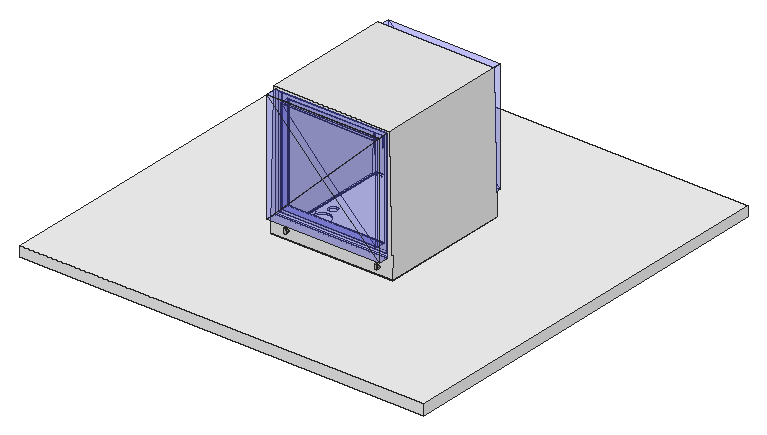
Revit family "BE_50064.1_de_DE", category Leuchten, Revit 2020
Family settings
  Basisbauteil = Fläche
  Bemaßung runder Anschluss = Durchmesser verwenden
  Teiletyp = Normal
  Beim Laden mit Abzugskörper schneiden = Ja
  Lichtquelle = Ja
  Gemeinsam genutzt = Nein
  Raumberechnungspunkt = Ja
Parameters (values of type "BEGA_50064.1_K3")
  built-in parameter 1150104 = 18.636 (stored number, unit not read)
  Wattage = 16.4 W
  Default Elevation = 0 mm
  built-in parameter 1150113 = 1 (stored number, unit not read)
  built-in parameter 1114218 = 1 (stored number, unit not read)
  Umgebungstemperatur = "25 °C"
  URL = "https://www.bega.com/de/produkt/50064.1"
  Typenkommentare = "© 2022 BEGA. Wir behalten uns das Recht vor, technische Änderungen ohne vorherige Ankündigung vorzunehmen."  # constant formula
  built-in parameter 1150134 = (empty or 0)
  built-in parameter 1150109 = 1 (stored number, unit not read)
  Strom = ""
  built-in parameter 1150110 = 1 (stored number, unit not read)
  Spannung = 239.996 V
  Sonderanfertigung = no
  Seriennummer [instance] = "Hier können Sie die eindeutige Seriennummer für das Facility Management eintragen."
  Schutzklasse = "I"
  Schutzart = "IP 20"
  Scheinlast = 0 VA
  Produktdatenblatt = "https://cdn.bega.com/bega/products/50064.1K3/current/documents/data-sheets/de"
  Oberflächentemperatur = ""
  Neigungswinkel = 0.00°
  Modell = "50064.1K3"
  Material_17 = BEGA_Reflektor
  Material_15 = BEGA_Leuchtmedium_matt
  Material_11 = BEGA_Glas_opal
  Material_09 = BEGA_Glas_klar
  Material_08 = BEGA_Oberfläche_Stahl_verzinkt
  Material_06 = BEGA_Oberfläche_Edelstahl_gebürstet
  Material_05 = BEGA_Oberfläche_Aluminium Guss
  Material_03 = BEGA_Oberfläche_Weiss_matt
  Material_02 = BEGA_Oberfläche_Silber_matt
  Material_01 [instance] = BEGA_Oberfläche_Grafit_matt
  M_W = no
  M_G = no
  M_A = no
  Logo = 0
  built-in parameter 1114217 = 1 (stored number, unit not read)
  built-in parameter 1150139 = (empty or 0)
  built-in parameter 1150105 = 261.8 (stored number, unit not read)
  built-in parameter 1150114 = 1 (stored number, unit not read)
  Lumens = 3289.84 lm
  built-in parameter 1150115 = 1 (stored number, unit not read)
  Leuchtenlichtstrom = "1174 lm"
  Leuchtenanzahl = ""
  Lebensdauerkriterien = "L70B50 @ 25 °C = 200000 h"
  Lastklassifizierung = Beleuchtung
  built-in parameter 1150112 = 1 (stored number, unit not read)
  Lampenlichtstrom = "3290 lm"
  Lampe = "LED 16.4 W"
  LED_Modulbezeichnung = "2x LED-0275/930"
  Hersteller = "BEGA"  # constant formula
  Halbstreuwinkel = ""
  Gewicht = "1.6 kg"
  Gebrauchslageneinschränkung [instance] = ""
  Frequenz = "0/50-60 Hz"
  Farbwiedergabeindex = "CRI > 90"
  Farbtemperaturverschiebung bei Dämpfen der Lampe = <Keine Auswahl>
  Farbtemperatur = "3000 K"
  Color Filter = 16777215
  built-in parameter 1150133 = 10 (stored number, unit not read)
  Energieeffizienzklasse = "LED A++ - A"
  built-in parameter 1150137 = (empty or 0)
  built-in parameter 1150132 = (empty or 0)
  ENEC = "ja"
  Dimmbar [instance] = "DALI"
  Datei für fotometrisches Netz = "BE_50064.1K3.IES"
  CE_Konformität = "ja"
  Bestellnummer = "50064.1K3"
  Beschreibung_Sonderanfertigung = "Hier können Sie Informationen zur Sonderanfertigung eintragen."
  Beschreibung = "Wandleuchte"
  built-in parameter 1150106 = 2.618 (stored number, unit not read)
  Befestigungsbohrung = "Ø 4,5 mm"
  Befestigungsabstand = "84 mm"
  Ballwurfsicher = ""
  BEGA_Intern_aus = yes
  BEGA_Intern_an = yes
  BEGA_Intern_Konstruktion = yes
  BEGA_Intern = yes
  BEGA_IES = yes
  BEGA_Dummy = no
  Anschlussleitung = ""
  Anschlussleistung [instance] = "19.3 W"
  Anschlusskasten = ""
  built-in parameter 1150107 = 3000 (stored number, unit not read)
  built-in parameter 1150102 = (empty or 0)
  built-in parameter 1150138 = (empty or 0)
  Aktualisierung = "2022-05-18T04:00:07"
  Abstand_zur_angestrahlten_Fläche [instance] = ""
  AC/DC = "AC/DC"
Types (2, lengths in mm): name | built-in parameter 1150104 | built-in parameter 1150134 | Modell | built-in parameter 1150105 | Lumens | Leuchtenlichtstrom | Lampenlichtstrom | LED_Modulbezeichnung | Farbtemperatur | Datei für fotometrisches Netz | Bestellnummer | built-in parameter 1150106 | built-in parameter 1150107
  BEGA_50064.1_K3 | 18.636 (stored number, unit not read) | (empty or 0) | "50064.1K3" | 261.8 (stored number, unit not read) | 3289.84 lm | "1174 lm" | "3290 lm" | "2x LED-0275/930" | "3000 K" | "BE_50064.1K3.IES" | "50064.1K3" | 2.618 (stored number, unit not read) | 3000 (stored number, unit not read)
  BEGA_50064.1_K4 | 19.203 (stored number, unit not read) | 12 | "50064.1K4" | 269.76 (stored number, unit not read) | 3389.88 lm | "1208 lm" | "3390 lm" | "2x LED-0275/940" | "4000 K" | "BE_50064.1K4.IES" | "50064.1K4" | 2.6976 (stored number, unit not read) | 4000 (stored number, unit not read)
Reference planes
  plane 1 "Mitte (Vorne/Hinten)": y = 0
  plane 2: z = 0
  plane 3 "Mitte (Links/Rechts)": x = 0
  plane 4 "Links": x = -60
  plane 5 "Rechts": x = 60
  plane 6 "Unten": y = -75.718
  plane 7 "Oben": y = 75.718
  plane 8 "Vorne": z = 132
  plane 9 "Hinten": z = 0
Forms (mm)
  Extrusion 1, solid, material "BEGA_Platte_Weiss"
    sketch origin (0, -1119.2, 0) x (1, 0, 0) y (0, 1, 0)
      loop
        line (-200, 1319.2) -> (-200, 919.2) -> (200, 919.2) -> (200, 1319.2) -> (-200, 1319.2)
    from 0 to -10
  Extrusion 2, solid, material "BEGA_Dummy_matt", visible <- "BEGA_Dummy"
    sketch origin (80.095, -76.023, 0) x (1, 0, 0) y (0, 1, 0)
      loop
        line (-140.095, 151.741) -> (-140.095, 0.305) -> (-20.095, 0.305) -> (-20.095, 151.741) -> (-140.095, 151.741)
    from 0 to 132
Dimensions and locks
  plane 1 "Mitte (Vorne/Hinten)" to Extrusion 1 = 200 mm
  aligned and locked: plane 2 to Extrusion 1
  aligned and locked: level to Extrusion 1
Nested families
  nested 1: "BE_50064.1" at (0, 0, 0), type "BE_50064.1"
Connectors
  electrical at (0, 0, 0), driven by "Lastklassifizierung", driven by "Spannung", driven by "Scheinlast"
    settings: index 1, voltage 239.996 V, apparent load 0 VA, apparent load phase1 0 VA, apparent load phase2 0 VA, apparent load phase3 0 VA, power factor 1, load classification "Beleuchtung", number of poles 1, system type 31, power factor state 1, is connector primary yes, connector utility no, sub classification motor no, connector description ""
Definition of nested family "BE_50064.1"
  Parameters (values of type "BE_50064.1")
    Default Elevation = 1 mm
    URL = "http://www.bega.de/de/produkt"
    Type Comments = "© 2015 BEGA. Wir behalten uns das Recht vor, technische Änderungen ohne vorherige Ankündigung vorzunehmen. "  # constant formula
    Type Image = (empty or 0)
    Neigungswinkel_um_Z2 = 0.00°
    Neigungswinkel_um_Z1 = 0.00°
    Neigungswinkel_um_Y2 = 0.00°
    Neigungswinkel_um_Y1 = 0.00°
    Neigungswinkel_um_X2 = 0.00°
    Neigungswinkel_um_X1 = 0.00°
    Material_17 = none
    Material_15 = none
    Material_11 = none
    Material_09 = none
    Material_08 = none
    Material_06 = none
    Material_05 = none
    Material_03 = none
    Material_02 = none
    Material_01 = none
    M_W = yes
    M_G = yes
    M_A = yes
    Länge_Platte = 200 mm  # constant formula
    Höhe_Platte = -10 mm  # constant formula
    Manufacturer = "BEGA"  # constant formula
    Drehwinkel_um_Z2 = 0.00°
    Drehwinkel_um_Z1 = 0.00°
    Breite_Platte = 200 mm  # constant formula
  Reference planes
    plane 1 "Mitte (Oben/Unten)": y = 0
    plane 2: z = 0
    plane 3 "Mitte (Links/Rechts)": x = 0
    plane 4: x = -60
    plane 5: z = 132
    plane 6: x = 60
    plane 7: y = 75.718
    plane 8: y = -75.718
  Forms (mm)
    Extrusion 1, solid, detail levels medium
      sketch origin (0, 0, 0) x (1, 0, 0) y (0, 1, 0)
        loop
          line (-100, 100) -> (-100, -100) -> (100, -100) -> (100, 100) -> (-100, 100)
      from 0 to -10 <- "Höhe_Platte"
    Extrusion 2, void
      sketch origin (0, 0, 0) x (0, 1, 0) y (0, 0, 1)
        loop
          line (-58.45, 129.958) -> (-67.322, 129.958) -> (-67.322, 18.565) -> (-58.45, 18.565) -> (-58.45, 129.958)
        loop
          line (58.45, 130.065) -> (58.45, 18.565) -> (67.693, 18.565) -> (67.693, 130.065) -> (58.45, 130.065)
      from -55.247 to 55.267
    Extrusion 3, void
      sketch origin (0, 0, 0) x (0, 1, 0) y (0, 0, 1)
        loop
          line (-70.047, 121.629) -> (-70.047, 26.562) -> (66.047, 26.562) -> (66.047, 121.629) -> (-70.047, 121.629)
      from -47.5 to 47.553
    Sweep 4, solid, material <- "Material_11", detail levels medium+fine
      path origin (0, 0, 0) x (1, 0, 0) y (0, 0, -1)
        loop
          line (55.831, -130.063) -> (55.831, -18.437) -> (-55.769, -18.437) -> (-55.769, -130.063) -> (55.831, -130.063)
      profile origin (0.031, 0, 130.063) x (0, 0, 1) y (0, 1, 0)
        loop
          line (0.067, -62.867) -> (-2.581, -62.867) -> (-2.738, -58.367) -> (-7.851, -58.367) -> (-8.152, -66.977)
          arc (-8.152, -66.977) -> (-8.43, -67.635) -> (-9.076, -67.939) r 1
          arc (-9.076, -67.939) -> (-32.418, -69.184) -> (-55.793, -69.379) r 520.56
          line (-55.793, -69.379) -> (-55.793, -75.718)
          arc (-55.793, -75.718) -> (-28.065, -75.75) -> (-0.352, -74.864) r 836.627
          line (-0.352, -74.864) -> (0.067, -62.867)
    Sweep 5, solid, material <- "Material_03", detail levels medium+fine
      path origin (0, 0, 0) x (1, 0, 0) y (0, 1, 0)
        loop
          line (60, 64.25) -> (-60, 64.25) -> (-60, -64.25) -> (60, -64.25) -> (60, 64.25)
      profile origin (0, 64.25, 0) x (0, -1, 0) y (0, 0, 1)
        loop
          line (0.5, 0) -> (5, 0)
          arc (5, 0) -> (6.061, 0.439) -> (6.5, 1.5) r 1.5
          line (6.5, 1.5) -> (6.5, 2.5)
          arc (6.5, 2.5) -> (6.646, 2.854) -> (7, 3) r 0.5
          line (7, 3) -> (35.781, 3) -> (35.781, 4) -> (7, 4)
          arc (7, 4) -> (5.939, 3.561) -> (5.5, 2.5) r 1.5
          line (5.5, 2.5) -> (5.5, 1.5)
          arc (5.5, 1.5) -> (5.354, 1.146) -> (5, 1) r 0.5
          line (5, 1) -> (0.5, 1) -> (0.5, 0)
    Extrusion 6, void
      sketch origin (0, 0, 0) x (1, 0, 0) y (0, 1, 0)
        loop
          circle (-40, -26) r 8.5
        loop
          circle (42, -10) r 4.25
        loop
          circle (-42, -10) r 4.25
        loop
          circle (40, -26) r 8.5
      from 0 to 6.683
    Extrusion 7, solid, material <- "Material_03", detail levels medium+fine
      sketch origin (0, 0, 0) x (1, 0, 0) y (0, 1, 0)
        loop
          line (-24.219, -28.469) -> (26.655, -28.469) -> (26.655, 30.554) -> (-24.219, 30.554) -> (-24.219, -28.469)
      from 3 to 4
    Revolve 8, void
      sketch origin (-20, -9.199, 8) x (1, 0, 0) y (0, 1, 0)
        loop
          line (-25, -52.692) -> (-25, -55.966) -> (-21.785, -55.966) -> (-23.112, -53.667) -> (-23.112, -52.692) -> (-25, -52.692)
        axis (-25, -52.692) -> (-25, -55.966)
      angle from 0 to 360
    Revolve 9, solid, material <- "Material_06", detail levels fine
      sketch origin (-45, -16.3, 0) x (0, 1, 0) y (0, 0, 1)
        loop
          line (-49.15, 10) -> (-49.15, 8) -> (-45.433, 8) -> (-45.433, 10.5) -> (-46.575, 10.5) -> (-47.289, 10) -> (-49.15, 10)
        axis (-49.15, 8) -> (-45.433, 8)
      angle from 0 to 360
    Extrusion 10, solid, material <- "Material_03", detail levels medium+fine
      sketch origin (0, 0, 0) x (1, 0, 0) y (0, 0, 1)
        loop
          line (-60, 1) -> (-58.008, 1) -> (-55.755, 130.065) -> (55.755, 130.065) -> (58.008, 1) -> (60, 1) -> (57.713, 132) -> (-57.713, 132) -> (-60, 1)
      from -64.25 to 64.25
    Extrusion 11, solid, material <- "Material_03", detail levels medium+fine
      sketch origin (0, 0, 0) x (1, 0, 0) y (0, 0, 1)
        loop
          line (57.713, 132) -> (-57.713, 132) -> (-60, 1) -> (60, 1) -> (57.713, 132)
      from 57.882 to 64.25
    Extrusion 12, solid, material <- "Material_03", detail levels medium+fine
      sketch origin (0, 0, 0) x (1, 0, 0) y (0, 0, -1)
        loop
          line (57.713, -132) -> (60, -1) -> (-60, -1) -> (-57.713, -132) -> (57.713, -132)
      from 58.018 to 64.25
    Sweep 13, solid, material <- "Material_11", detail levels medium+fine
      path origin (0, 0, 0) x (1, 0, 0) y (0, 0, 1)
        loop
          line (55.831, 130.063) -> (-55.769, 130.063) -> (-55.769, 18.437) -> (55.831, 18.437) -> (55.831, 130.063)
      profile origin (0.031, 0, 130.063) x (0, 0, -1) y (0, -1, 0)
        loop
          line (-0.067, -62.867) -> (0.352, -74.864)
          arc (0.352, -74.864) -> (28.065, -75.75) -> (55.793, -75.718) r 836.627
          line (55.793, -75.718) -> (55.793, -69.379)
          arc (55.793, -69.379) -> (32.418, -69.184) -> (9.076, -67.939) r 520.56
          arc (9.076, -67.939) -> (8.43, -67.635) -> (8.152, -66.977) r 1
          line (8.152, -66.977) -> (7.851, -58.367) -> (2.738, -58.367) -> (2.581, -62.867) -> (-0.067, -62.867)
    Revolve 14, void
      sketch origin (20, -9.199, 8) x (-1, 0, 0) y (0, -1, 0)
        loop
          line (-25, 52.692) -> (-23.112, 52.692) -> (-23.112, 53.667) -> (-21.785, 55.966) -> (-25, 55.966) -> (-25, 52.692)
        axis (-25, 52.692) -> (-25, 55.966)
      angle from 0 to 360
    Revolve 15, solid, material <- "Material_06", detail levels fine
      sketch origin (45, -16.3, 0) x (0, 1, 0) y (0, 0, -1)
        loop
          line (-49.15, -10) -> (-47.289, -10) -> (-46.575, -10.5) -> (-45.433, -10.5) -> (-45.433, -8) -> (-49.15, -8) -> (-49.15, -10)
        axis (-49.15, -8) -> (-45.433, -8)
      angle from 0 to 360
  Cuts and joins
    Extrusion 6 cuts Sweep 5
    joined: Sweep 5, Extrusion 7
    Extrusion 2, Extrusion 3, Revolve 8, Revolve 14 cuts Extrusion 10
    Extrusion 2, Extrusion 3, Revolve 8, Revolve 14 cuts Extrusion 11
    Extrusion 2, Extrusion 3, Revolve 8, Revolve 14 cuts Extrusion 12
    joined: Extrusion 10, Extrusion 11, Extrusion 12
    Revolve 14 cuts Revolve 9
  Dimensions and locks
    equal spacing: Extrusion 1 sketch curve, plane 3 "Mitte (Links/Rechts)", Extrusion 1 sketch curve
    equal spacing: Extrusion 1 sketch curve, plane 1 "Mitte (Oben/Unten)", Extrusion 1 sketch curve
    "Länge_Platte": Extrusion 1 sketch curve to Extrusion 1 sketch curve
    "Breite_Platte": Extrusion 1 sketch curve to Extrusion 1 sketch curve
    aligned and locked: Extrusion 1 to plane 2
    aligned and locked: level to Extrusion 1
  Automatic sketch dimensions
    plane 1 "Mitte (Oben/Unten)" to Extrusion 2 sketch curve = 67.322 mm
    Extrusion 2 sketch curve to Extrusion 2 sketch curve = 8.872 mm
    Extrusion 2 sketch curve to plane 1 "Mitte (Oben/Unten)" = 58.45 mm
    Extrusion 2 sketch curve to Extrusion 2 sketch curve = 9.243 mm
    level to Extrusion 2 sketch curve = 18.565 mm  (x2)
    Extrusion 2 sketch curve to Extrusion 2 sketch curve = 111.393 mm
    Extrusion 2 sketch curve to Extrusion 2 sketch curve = 111.5 mm
    level to Extrusion 3 sketch curve = 26.562 mm
    plane 1 "Mitte (Oben/Unten)" to Extrusion 3 sketch curve = 70.047 mm
    Extrusion 3 sketch curve to plane 1 "Mitte (Oben/Unten)" = 66.047 mm
    Extrusion 3 sketch curve to Extrusion 3 sketch curve = 95.067 mm
    level to Sweep 4 sketch curve = 130.063 mm
    level to Sweep 4 sketch curve = 18.437 mm
    profile plane to Sweep 4 sketch curve = 55.793 mm
    profile plane to Sweep 4 sketch curve = 48.45 mm
    profile plane to Sweep 4 sketch curve = 40.953 mm
    profile plane to Sweep 4 sketch curve = 9.151 mm
    Sweep 4 sketch curve to Sweep 4 sketch curve = 0.999 mm
    profile plane to Sweep 4 sketch curve = 7.851 mm
    profile plane to Sweep 4 sketch curve = 2.738 mm
    profile plane to Sweep 4 sketch curve = 2.581 mm
    profile plane to Sweep 4 sketch curve = 0.352 mm
    Sweep 4 sketch curve to profile plane = 0.067 mm
    Sweep 4 sketch curve to profile plane = 75.718 mm
    Sweep 4 sketch curve to Sweep 4 sketch curve = 0.854 mm
    Sweep 4 sketch curve to Sweep 4 sketch curve = 6.339 mm
    Sweep 4 sketch curve to Sweep 4 sketch curve = 7.886 mm
    Sweep 4 sketch curve to Sweep 4 sketch curve = 0.035 mm
    Sweep 4 sketch curve to Sweep 4 sketch curve = 4.11 mm
    Sweep 4 sketch curve to Sweep 4 sketch curve = 4.5 mm
    Sweep 4 sketch curve to Sweep 4 sketch curve = 309.648 mm
    plane 1 "Mitte (Oben/Unten)" to Sweep 5 sketch curve = 64.25 mm
    Sweep 5 sketch curve to plane 1 "Mitte (Oben/Unten)" = 64.25 mm
    Sweep 5 sketch curve to Sweep 5 sketch curve = 0 mm  (x4)
    Sweep 5 sketch curve to level = 0 mm
    Sweep 5 sketch curve to profile plane = 0.5 mm
    level to Sweep 5 sketch curve = 1 mm
    Sweep 5 sketch curve to Sweep 5 sketch curve = 4.5 mm
    Sweep 5 sketch curve to Sweep 5 sketch curve = 0.5 mm  (x2)
    level to Sweep 5 sketch curve = 3 mm
    Sweep 5 sketch curve to Sweep 5 sketch curve = 28.781 mm
    plane 1 "Mitte (Oben/Unten)" to Extrusion 6 sketch curve = 26 mm  (x2)
    plane 1 "Mitte (Oben/Unten)" to Extrusion 6 sketch curve = 10 mm  (x2)
    plane 1 "Mitte (Oben/Unten)" to Extrusion 7 sketch curve = 28.469 mm
    Extrusion 7 sketch curve to plane 1 "Mitte (Oben/Unten)" = 30.554 mm
    Revolve 8 sketch curve to Revolve 8 sketch curve = 1.327 mm
    plane 1 "Mitte (Oben/Unten)" to Revolve 8 sketch curve = 65.166 mm
    Revolve 8 sketch curve to Revolve 8 sketch curve = 2.299 mm
    Revolve 8 sketch curve to Revolve 8 sketch curve = 0.976 mm
    Revolve 8 sketch curve to Revolve 8 sketch curve = 0.894 mm
    Revolve 8 sketch curve to Revolve 8 sketch curve = 1.743 mm
    level to Revolve 9 sketch curve = 10 mm
    plane 1 "Mitte (Oben/Unten)" to Revolve 9 sketch curve = 65.45 mm
    Revolve 9 sketch curve to Revolve 9 sketch curve = 1.861 mm
    level to Revolve 9 sketch curve = 10.5 mm
    Revolve 9 sketch curve to Revolve 9 sketch curve = 0.714 mm
    Revolve 9 sketch curve to Revolve 9 sketch curve = 1.142 mm
    Revolve 9 sketch curve to Revolve 9 sketch curve = 2 mm  (x2)
    Revolve 9 sketch curve to Revolve 9 sketch curve = 0.817 mm
    Revolve 9 sketch curve to Revolve 9 sketch curve = 0 mm
    level to Extrusion 10 sketch curve = 1 mm  (x2)
    Extrusion 10 sketch curve to Extrusion 10 sketch curve = 1.992 mm  (x2)
    Extrusion 10 sketch curve to Extrusion 10 sketch curve = 1.959 mm  (x2)
    Extrusion 10 sketch curve to Extrusion 10 sketch curve = 129.065 mm
    Extrusion 10 sketch curve to Extrusion 10 sketch curve = 1.935 mm
    level to Extrusion 11 sketch curve = 1 mm
    Extrusion 11 sketch curve to Extrusion 11 sketch curve = 131 mm
    level to Extrusion 12 sketch curve = 1 mm
    Extrusion 12 sketch curve to Extrusion 12 sketch curve = 131 mm
    level to Sweep 13 sketch curve = 18.437 mm
    Sweep 13 sketch curve to Sweep 13 sketch curve = 111.626 mm
    profile plane to Sweep 13 sketch curve = 0.067 mm
    Sweep 13 sketch curve to profile plane = 0.352 mm
    Sweep 13 sketch curve to profile plane = 2.581 mm
    Sweep 13 sketch curve to profile plane = 2.738 mm
    Sweep 13 sketch curve to Sweep 13 sketch curve = 5.113 mm
    Sweep 13 sketch curve to Sweep 13 sketch curve = 5.571 mm
    Sweep 13 sketch curve to Sweep 13 sketch curve = 0.999 mm
    Sweep 13 sketch curve to profile plane = 40.953 mm
    Sweep 13 sketch curve to profile plane = 48.45 mm
    Sweep 13 sketch curve to Sweep 13 sketch curve = 46.642 mm
    Sweep 13 sketch curve to profile plane = 75.718 mm
    Sweep 13 sketch curve to Sweep 13 sketch curve = 0.854 mm
    Sweep 13 sketch curve to Sweep 13 sketch curve = 6.339 mm
    Sweep 13 sketch curve to Sweep 13 sketch curve = 7.886 mm
    Sweep 13 sketch curve to Sweep 13 sketch curve = 0.035 mm
    Sweep 13 sketch curve to Sweep 13 sketch curve = 4.11 mm
    Sweep 13 sketch curve to Sweep 13 sketch curve = 4.5 mm
    Sweep 13 sketch curve to Sweep 13 sketch curve = 309.648 mm
    Revolve 14 sketch curve to Revolve 14 sketch curve = 1.327 mm
    plane 1 "Mitte (Oben/Unten)" to Revolve 14 sketch curve = 61.891 mm
    Revolve 14 sketch curve to Revolve 14 sketch curve = 0.976 mm
    Revolve 14 sketch curve to Revolve 14 sketch curve = 2.299 mm
    Revolve 14 sketch curve to Revolve 14 sketch curve = 1.743 mm
    Revolve 14 sketch curve to Revolve 14 sketch curve = 0.894 mm
    level to Revolve 15 sketch curve = 10 mm
    plane 1 "Mitte (Oben/Unten)" to Revolve 15 sketch curve = 65.45 mm
    Revolve 15 sketch curve to Revolve 15 sketch curve = 1.861 mm
    level to Revolve 15 sketch curve = 10.5 mm
    Revolve 15 sketch curve to Revolve 15 sketch curve = 0.714 mm
    Revolve 15 sketch curve to Revolve 15 sketch curve = 1.142 mm
    Revolve 15 sketch curve to Revolve 15 sketch curve = 2.5 mm
    Revolve 15 sketch curve to Revolve 15 sketch curve = 2 mm
    Revolve 15 sketch curve to Revolve 15 sketch curve = 0.817 mm
    Revolve 15 sketch curve to Revolve 15 sketch curve = 0 mm
    Sweep 4 sketch curve to plane 3 "Mitte (Links/Rechts)" = 55.769 mm
    Sweep 5 sketch curve to plane 3 "Mitte (Links/Rechts)" = 60 mm
    Extrusion 6 sketch curve to plane 3 "Mitte (Links/Rechts)" = 40 mm
    Extrusion 6 sketch curve to Extrusion 6 sketch curve = 2 mm  (x2)
    Extrusion 7 sketch curve to plane 3 "Mitte (Links/Rechts)" = 24.219 mm
    Revolve 8 sketch curve to plane 3 "Mitte (Links/Rechts)" = 45 mm
    Revolve 8 sketch curve to Revolve 8 sketch curve = 1.888 mm
    Revolve 8 sketch curve to Revolve 8 sketch curve = 0 mm
    Extrusion 10 sketch curve to plane 3 "Mitte (Links/Rechts)" = 55.755 mm
    Extrusion 10 sketch curve to plane 3 "Mitte (Links/Rechts)" = 58.008 mm
    Extrusion 11 sketch curve to plane 3 "Mitte (Links/Rechts)" = 57.713 mm
    Extrusion 11 sketch curve to plane 3 "Mitte (Links/Rechts)" = 60 mm
    Extrusion 12 sketch curve to plane 3 "Mitte (Links/Rechts)" = 57.713 mm
    Extrusion 12 sketch curve to plane 3 "Mitte (Links/Rechts)" = 60 mm
    Sweep 13 sketch curve to plane 3 "Mitte (Links/Rechts)" = 55.769 mm
    plane 3 "Mitte (Links/Rechts)" to Sweep 4 sketch curve = 55.831 mm
    plane 3 "Mitte (Links/Rechts)" to Sweep 5 sketch curve = 60 mm
    plane 3 "Mitte (Links/Rechts)" to Extrusion 6 sketch curve = 40 mm
    plane 3 "Mitte (Links/Rechts)" to Extrusion 7 sketch curve = 26.655 mm
    plane 3 "Mitte (Links/Rechts)" to Extrusion 10 sketch curve = 55.755 mm
    plane 3 "Mitte (Links/Rechts)" to Extrusion 10 sketch curve = 58.008 mm
    plane 3 "Mitte (Links/Rechts)" to Extrusion 11 sketch curve = 57.713 mm
    plane 3 "Mitte (Links/Rechts)" to Extrusion 11 sketch curve = 60 mm
    plane 3 "Mitte (Links/Rechts)" to Extrusion 12 sketch curve = 57.713 mm
    plane 3 "Mitte (Links/Rechts)" to Extrusion 12 sketch curve = 60 mm
    plane 3 "Mitte (Links/Rechts)" to Sweep 13 sketch curve = 55.831 mm
    plane 3 "Mitte (Links/Rechts)" to Revolve 14 sketch curve = 45 mm
    Revolve 14 sketch curve to Revolve 14 sketch curve = 1.888 mm
    Revolve 14 sketch curve to Revolve 14 sketch curve = 0 mm
    radius of Extrusion 6 sketch curve = 8.5 mm  (x2)
    radius of Extrusion 6 sketch curve = 4.25 mm  (x2)
